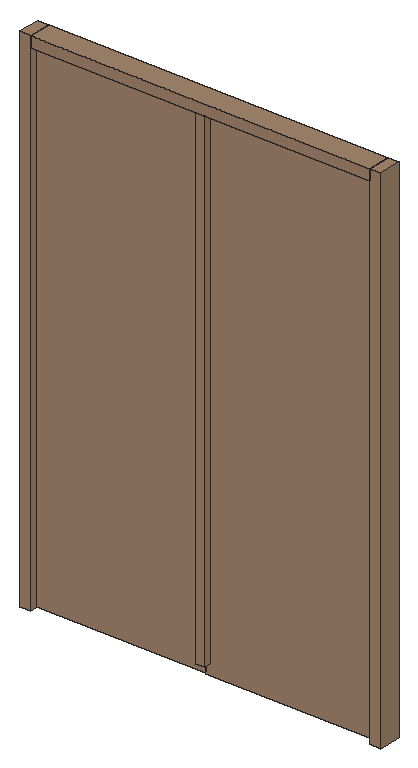
Revit family "LC D01 - A11", category Doors, host Wall, Revit 2027
Family settings
  Host = Wall
  Always vertical = Yes
  Cut with Voids When Loaded = No
  Shared = No
  Room Calculation Point = No
Parameters (values of type "A11 nominal size")
  Function = Interior
  Frame Projection Ext. = 25 mm
  Frame Projection Int. = 25 mm
  Frame Width = 75 mm
  Height = 2340 mm  # constant formula
  Wall Closure = By host
  Width = 1640 mm  # constant formula
  Description = "A07/A08 position, A11 overall sizes. Frame50x100 and glazing6mm are visual coordination profiles; manufacturer sections/glazing specification pending. Panel divisions follow schedule appearance, undimensioned divisions provisional."
Reference planes
  plane 1: y = 0
  plane 2 "Center (Left/Right)": x = 0
  plane 3 "Left": x = -820
  plane 4 "Right": x = 820
  plane 5: z = 2340
  plane 6 "Exterior": y = 75
  plane 7 "Interior": y = -75
Forms (mm)
  Extrusion 1, solid, material "LC Door timber - selected finish pending"
    sketch origin (0, 0, 0) x (1, 0, 0) y (0, 1, 0)
      loop
        line (-820, -50) -> (-770, -50) -> (-770, 50) -> (-820, 50) -> (-820, -50)
    from 0 to 2340
  Extrusion 2, solid, material "LC Door timber - selected finish pending"
    sketch origin (0, 0, 0) x (1, 0, 0) y (0, 1, 0)
      loop
        line (770, -50) -> (820, -50) -> (820, 50) -> (770, 50) -> (770, -50)
    from 0 to 2340
  Extrusion 3, solid, material "LC Door timber - selected finish pending"
    sketch origin (0, 0, 0) x (1, 0, 0) y (0, 1, 0)
      loop
        line (-770, -50) -> (770, -50) -> (770, 50) -> (-770, 50) -> (-770, -50)
    from 2290 to 2340
  Extrusion 4, solid, material "LC Door timber - selected finish pending"
    sketch origin (0, 0, 0) x (1, 0, 0) y (0, 1, 0)
      loop
        line (-20, -50) -> (20, -50) -> (20, 50) -> (-20, 50) -> (-20, -50)
    from 50 to 2290
  Extrusion 5, solid, material "LC Door timber - selected finish pending"
    sketch origin (0, 0, 0) x (1, 0, 0) y (0, 1, 0)
      loop
        line (-768, -20) -> (-2, -20) -> (-2, 20) -> (-768, 20) -> (-768, -20)
    from 4 to 2290
  Extrusion 6, solid, material "LC Door timber - selected finish pending"
    sketch origin (0, 0, 0) x (1, 0, 0) y (0, 1, 0)
      loop
        line (2, -20) -> (768, -20) -> (768, 20) -> (2, 20) -> (2, -20)
    from 4 to 2290
Lines and regions (mm)
  Opening 1
    outline origin (-3050, -75, 0) x (1, 0, 0) y (0, 0, 1)
      loop
        line (2230, 0) -> (3870, 0) -> (3870, 2340) -> (2230, 2340) -> (2230, 0)
  symbolic lines, style "Elevation Swing"
    curve 1: line (820, -75, 1170) -> (-820, -75, 2340)
    curve 2: line (820, -75, 1170) -> (-820, -75, 0)
Text (mm)
  text "Exterior" at (-1376.75, 1099.543, 0), in view "Ref. Level"
  text "Exterior" at (0, 1615.38, 3698.081), in view "Left"
  text "Exterior" at (0, 1036.032, 3874.932), in view "Right"
Dimensions and locks
  equal spacing: plane 3 "Left", plane 2 "Center (Left/Right)", plane 4 "Right"
  "Width": plane 3 "Left" to plane 4 "Right"
  "Height": plane 5 to host wall
  equal spacing: host wall, curve 2, plane 5
  host wall to plane 5 = 2340 mm
  locked: plane 6 "Exterior" to host wall
  locked: plane 7 "Interior" to host wall
  aligned and locked: plane 3 "Left" to Opening 1 sketch curve
  aligned and locked: plane 5 to Opening 1 sketch curve  (x2)
  aligned and locked: Opening 1 sketch curve to plane 4 "Right"
  aligned and locked: Opening 1 sketch curve to level
  aligned and locked: plane 5 to curve 1
  aligned and locked: plane 3 "Left" to curve 2
  aligned and locked: plane 1 to host wall
  aligned and locked: plane 3 "Left" to curve 1
Automatic sketch dimensions
  plane 4 "Right" to curve 2 = 0 mm
  curve 2 to level = 0 mm
  Extrusion 1 sketch curve to plane 3 "Left" = 0 mm
  Extrusion 1 sketch curve to host wall = 25 mm  (x2)
  Extrusion 1 sketch curve to Extrusion 1 sketch curve = 50 mm
  Extrusion 2 sketch curve to plane 4 "Right" = 0 mm
  Extrusion 2 sketch curve to host wall = 25 mm  (x2)
  plane 4 "Right" to Extrusion 2 sketch curve = 50 mm
  Extrusion 3 sketch curve to host wall = 25 mm  (x2)
  Extrusion 3 sketch curve to plane 3 "Left" = 50 mm
  plane 4 "Right" to Extrusion 3 sketch curve = 50 mm
  Extrusion 4 sketch curve to plane 2 "Center (Left/Right)" = 20 mm
  plane 2 "Center (Left/Right)" to Extrusion 4 sketch curve = 20 mm
  Extrusion 4 sketch curve to host wall = 25 mm  (x2)
  host wall to Extrusion 5 sketch curve = 20 mm
  Extrusion 5 sketch curve to plane 3 "Left" = 52 mm
  Extrusion 5 sketch curve to plane 2 "Center (Left/Right)" = 2 mm
  Extrusion 5 sketch curve to host wall = 20 mm
  plane 2 "Center (Left/Right)" to Extrusion 6 sketch curve = 2 mm
  Extrusion 6 sketch curve to host wall = 20 mm
  plane 4 "Right" to Extrusion 6 sketch curve = 52 mm
  host wall to Extrusion 6 sketch curve = 20 mm
